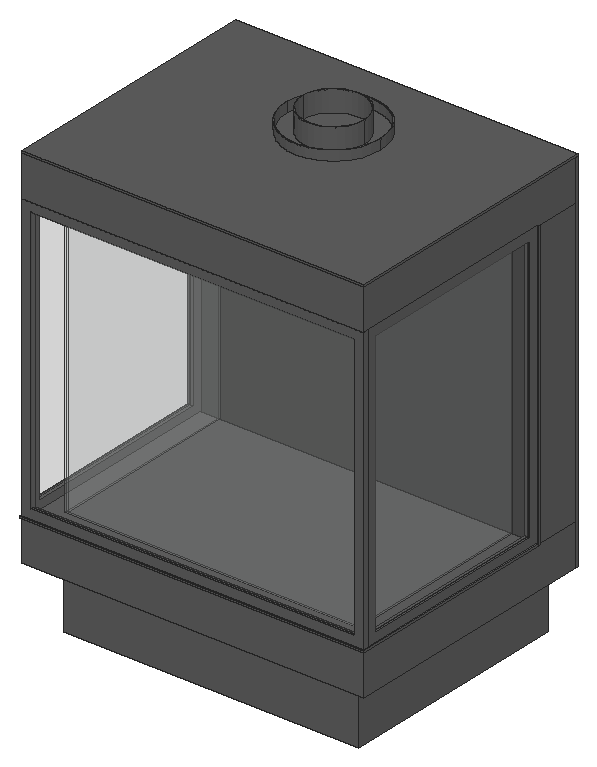
Revit family "HVAC_Ortal_Fireplace_Wilderness_Stand-Alone-Three-Sided", category Specialty Equipment, Revit 2019
Family settings
  Round Connector Dimension = Use Diameter
  Part Type = Normal
  OmniClass Number = 23.40.20.34.14
  OmniClass Title = Fireplaces
  Work Plane-Based = No
  Always vertical = Yes
  Cut with Voids When Loaded = No
  Shared = No
  Room Calculation Point = No
Parameters (values of type "Wilderness Stand Alone Three Sided 25H - Wall Mount")
  z_Side Glass Offset Front = z_Glass Offset + z_Glass Thickness  # 2 5/32"
  z_Glass Thickness = 5/32"  # constant formula
  z_Glass Offset = 2"  # constant formula
  z_Gas Type 2 = Gas : Propane
  z_Gas Type 1 = Gas : Natural Gas
  z_Frame Thickness = 5/32"  # constant formula
  Width = 28 9/16"  # constant formula
  WiFi Control [instance] = no
  Weight = 331.00 lbf  # constant formula
  Wall Switch Control [instance] = no
  Voltage = 120 V
  Viewing Area Width = Width  # 28 9/16"
  Viewing Area Side Length = 18 3/4"  # constant formula
  Viewing Area Height = 23 3/4"  # constant formula
  Vent = "5x8 co-axial direct vent pipe (5” interior, 8” exterior)"  # constant formula
  URL = "https://www.ortalheat.com/fireplaces/wilderness?hsLang=en"
  Total Heating Capacity = if(Gas Type = z_Gas Type 1, 32768.0 Btu/h, 27645.0 Btu/h)  # 32768.0 Btu/h
  Remote Control [instance] = yes
  Product data url = "https://www.bimobject.com/ortal/product/fireplaces_wilderness-stand-alone-ts-25h"
  Product Material = Ortal - Stainless Steel - Black
  Product Guid = "d18e7cdc-3d85-48d4-a96d-959020e9328d"  # constant formula
  Power Factor = 0.8
  Number of Poles = 3
  Model = "Wilderness Stand Alone Three Sided 25H - Wall Mount"
  Manufacturer = "Ortal"  # constant formula
  Keynote = "15500"
  Interior Material = Ortal - Panel - Black Reflective Glass
  Height = 36 157/256"  # constant formula
  Gas Type = Gas : Natural Gas
  Gas Inlet Diameter = 1/2"
  Gas Flow = 0 GPM
  Frequency = 60 Hz
  Efficiency = if(Gas Type = z_Gas Type 1, "79.7%", "80.4%")  # "79.7%"
  Edition number = 1
  Description = "Wilderness Type Stand Alone Three Sided Fireplace Wall Mounted"
  Depth = 22 5/16"  # constant formula
  Current = 15 A
  Certification = "ANSI Z21.88/CSA 2.33-2019"  # constant formula
  Assembly Code = "E1090400"
  Apparent Load = (Current * Voltage) / (Power Factor * Number of Poles)  # 750 VA
  16" Clearance To Combustible [instance] = no
  12" Clearance To Non- Combustible [instance] = no
Types (3): name | Model | Description
  (no name) | "Wilderness Stand Alone Three Sided 25H - Wall Mount" | "Wilderness Type Stand Alone Three Sided Fireplace Wall Mounted"
  Wilderness Stand Alone Three Sided 25H - Wall Mount | "Wilderness Stand Alone Three Sided 25H - Wall Mount" | "Wilderness Type Stand Alone Three Sided Fireplace Wall Mounted"
  Wilderness Stand Alone Three Sided 25H - Floor Mount | "Wilderness Stand Alone Three Sided 25H - Floor Mount" | "Wilderness Type Stand Alone Three Sided Fireplace Floor Mounted"
Reference planes (in)
  plane 1 "Center (Front/Back)": y = 0
  plane 2: z = 0
  plane 3 "Center (Left/Right)": x = 0
  plane 4: x = -14.28125
  plane 5: x = 14.28125
  plane 6: y = 11.15625
  plane 7: y = -11.15625
  plane 8: z = 5.72835
  plane 9: z = 9.31102
  plane 10: z = 33.0306
  plane 11: z = 36.61328
  plane 12: y = 6.96334
  plane 13: y = 3.53125
Forms (in)
  Extrusion 1, solid, material "Ortal - Stainless Steel - Black" <- "Product Material"
    sketch origin (0, 0, 0) x (1, 0, 0) y (0, 0, 1)
      loop
        line (-14.35999, 9.31102) -> (-14.35999, 9.15477) -> (14.38017, 9.15477) -> (14.38017, 9.31102) -> (-14.35999, 9.31102)
    from -6.96334 to 11.22564
  Extrusion 2, solid, material "Ortal - Stainless Steel - Black" <- "Product Material"
    sketch origin (0, 0, 0) x (1, 0, 0) y (0, 1, 0)
      loop
        line (-14.35999, 6.96334) -> (14.39001, 6.96334) -> (14.39001, 7.11959) -> (-14.35999, 7.11959) -> (-14.35999, 6.96334)
    from 9.15477 to 33.0306
  Sweep 3, solid, material "Ortal - Stainless Steel - Black" <- "Product Material"
    path origin (-30.34974, -180, 33.0306) x (-1, 0, 0) y (0, -1, 0)
      loop
        line (-16.06849, -191) -> (-16.06849, -168.84375) -> (-44.63099, -168.84375) -> (-44.63099, -191)
    profile origin (-14.28125, -0.07813, 33.0306) x (1, 0, 0) y (0, 0, 1)
      loop
        line (0, 0) -> (0.15625, 0) -> (0.15625, 3.42643) -> (0, 3.42643) -> (0, 0)
  Sweep 4, solid, material "Ortal - Stainless Steel - Black" <- "Product Material"
    path origin (-30.34974, -180, 5.72835) x (-1, 0, 0) y (0, -1, 0)
      loop
        line (-16.06849, -191) -> (-16.06849, -168.84375) -> (-44.63099, -168.84375) -> (-44.63099, -191)
    profile origin (-14.28125, -0.07813, 5.72835) x (1, 0, 0) y (0, 0, 1)
      loop
        line (0, 0) -> (0.15625, 0) -> (0.15625, 3.42643) -> (0, 3.42643) -> (0, 0)
  Sweep 5, solid, material "Ortal - Stainless Steel - Black" <- "Product Material"
    path origin (-43, 6.96334, 48) x (-1, 0, 0) y (0, 0, 1)
      loop
        line (-43, -14.9694) -> (-43, -38.84523)
    profile origin (0, 6.96334, 21.09269) x (0, 1, 0) y (-1, 0, 0)
      loop
        line (4.03666, 14.28125) -> (0.15625, 14.28125) -> (0.15625, 14.125) -> (4.03666, 14.125) -> (4.03666, 14.28125)
      loop
        line (4.03666, -14.28125) -> (4.03666, -14.125) -> (0.15625, -14.125) -> (0.15625, -14.28125) -> (4.03666, -14.28125)
  Extrusion 6, solid, material "Ortal - Stainless Steel - Black" <- "Product Material"
    sketch origin (-30.34974, -180, 5.72835) x (-1, 0, 0) y (0, -1, 0)
      loop
        line (-16.22474, -186.96334) -> (-16.22474, -169) -> (-44.47474, -169) -> (-44.47474, -186.96334) -> (-16.22474, -186.96334)
    from 27.30226 to 27.45851
  Extrusion 7, solid, material "Ortal - Stainless Steel - Black" <- "Product Material"
    sketch origin (-43, 6.96334, 48) x (-1, 0, 0) y (0, 0, 1)
      loop
        line (-28.71875, -11.38672) -> (-57.28125, -11.38672) -> (-57.28125, -11.54297) -> (-28.71875, -11.54297) -> (-28.71875, -11.38672)
    from -18.11959 to 4.19291
  Extrusion 8, solid, material "Ortal - Stainless Steel - Black" <- "Product Material"
    sketch origin (-30.22597, -180, 5.72835) x (-1, 0, 0) y (0, -1, 0)
      loop
        line (-16.10097, -191) -> (-16.10097, -169) -> (-44.35097, -169) -> (-44.35097, -191) -> (-16.10097, -191)
    from 0 to 0.15625
  Extrusion 9, solid, material "Ortal - Stainless Steel - Black" <- "Product Material"
    sketch origin (-30.34974, -180, 5.72835) x (-1, 0, 0) y (0, -1, 0)
      loop
        line (-16.06849, -191.15625) -> (-16.06849, -191) -> (-44.63099, -191) -> (-44.63099, -191.15625) -> (-16.06849, -191.15625)
    from 0 to 30.72868
  Sweep 10, solid, material "Ortal - Stainless Steel - Black" <- "Product Material"
    path origin (-43, -11.15625, 48) x (-1, 0, 0) y (0, 0, 1)
      loop
        line (-28.71875, -14.9694) -> (-57.28125, -14.9694) -> (-57.28125, -38.68898) -> (-28.71875, -38.68898) -> (-28.71875, -14.9694)
    profile origin (0, -11.15625, 33.0306) x (0, 0, -1) y (0, 1, 0)
      loop
        line (0, 0) -> (0.75, 0) -> (0.75, 0.4375) -> (0, 0.4375) -> (0, 0)
  Sweep 11, solid, material "Ortal - Stainless Steel - Black" <- "Product Material"
    path origin (14.28125, 19.42831, 48) x (0, 1, 0) y (0, 0, 1)
      loop
        line (-30.14706, -14.9694) -> (-30.14706, -38.68898) -> (-12.46497, -38.68898) -> (-12.46497, -14.9694) -> (-30.14706, -14.9694)
    profile origin (14.28125, -1.87771, 33.0306) x (0, 0, 1) y (1, 0, 0)
      loop
        line (0, 0) -> (-0.75, 0) -> (-0.75, -0.4375) -> (0, -0.4375) -> (0, 0)
  Sweep 12, solid, material "Ortal - Stainless Steel - Black" <- "Product Material"
    path origin (-14.28125, 19.42831, 48) x (0, 1, 0) y (0, 0, 1)
      loop
        line (-30.14706, -14.9694) -> (-30.14706, -38.68898) -> (-12.46497, -38.68898) -> (-12.46497, -14.9694) -> (-30.14706, -14.9694)
    profile origin (-14.28125, -1.87771, 33.0306) x (0, 0, 1) y (1, 0, 0)
      loop
        line (0, 0) -> (0, 0.4375) -> (-0.75, 0.4375) -> (-0.75, 0) -> (0, 0)
  Sweep 13, solid, material "Ortal - Metal - Mesh"
    path origin (-43, -11.15625, 48) x (-1, 0, 0) y (0, 0, 1)
      loop
        line (-43, -15.7194) -> (-43, -37.93898)
    profile origin (0, -11.15625, 21.17081) x (0, 1, 0) y (-1, 0, 0)
      loop
        line (0.1875, 13.53125) -> (0.125, 13.53125) -> (0.125, -13.53125) -> (0.1875, -13.53125) -> (0.1875, 13.53125)
  Sweep 14, solid, material "Ortal - Metal - Mesh"
    path origin (0, 0, 0) x (0, 1, 0) y (0, 0, 1)
      loop
        line (0, 32.2806) -> (0, 10.06102)
    profile origin (0, 0, 21.17081) x (1, 0, 0) y (0, 1, 0)
      loop
        line (-14.15625, 6.21334) -> (-14.15625, -9.96875) -> (-14.09375, -9.96875) -> (-14.09375, 6.21334) -> (-14.15625, 6.21334)
      loop
        line (14.09375, 6.21334) -> (14.09375, -9.96875) -> (14.15625, -9.96875) -> (14.15625, 6.21334) -> (14.09375, 6.21334)
  Sweep 15, solid, material "Ortal - Glass - Clear"
    path origin (-43, -11.15625, 48) x (-1, 0, 0) y (0, 0, 1)
      loop
        line (-43, -14.9694) -> (-43, -38.68898)
    profile origin (0, -11.15625, 21.17081) x (0, 1, 0) y (-1, 0, 0)
      loop
        line (2.15625, 12.28125) -> (2, 12.28125) -> (2, -12.28125) -> (2.15625, -12.28125) -> (2.15625, 12.28125)
  Sweep 16, solid, material "Ortal - Glass - Clear"
    path origin (0, 0, 0) x (0, 1, 0) y (0, 0, 1)
      loop
        line (0, 33.0306) -> (0, 9.31102)
    profile origin (0, 0, 21.17081) x (1, 0, 0) y (0, 1, 0)
      loop
        line (-12.125, 6.96334) -> (-12.28125, 6.96334) -> (-12.28125, -9) -> (-12.125, -9) -> (-12.125, 6.96334)
      loop
        line (12.28125, 6.96334) -> (12.125, 6.96334) -> (12.125, -9) -> (12.28125, -9) -> (12.28125, 6.96334)
  Sweep 17, solid, material "Ortal - Stainless Steel - Black" <- "Product Material", detail levels medium+fine
    path origin (0, 0, 0) x (0, 1, 0) y (0, 0, 1)
      loop
        line (3.53125, 37.44005) -> (3.53125, 36.61328)
    profile origin (0, 3.53125, 37.02667) x (1, 0, 0) y (0, 1, 0)
      loop
        circle (0, 0) r 3.9375
      loop
        circle (0, 0) r 3.90625
  Sweep 18, solid, material "Ortal - Stainless Steel - Black" <- "Product Material", detail levels medium+fine
    path origin (0, 0, 0) x (0, 1, 0) y (0, 0, 1)
      loop
        line (3.53125, 38.38493) -> (3.53125, 36.61328)
    profile origin (0, 3.53125, 37.49911) x (1, 0, 0) y (0, 1, 0)
      loop
        circle (0, 0) r 2.59375
      loop
        circle (0, 0) r 2.5625
  Sweep 19, solid, material "Ortal - Stainless Steel - Black" <- "Product Material"
    path origin (-30.34974, -180, 5.72835) x (-1, 0, 0) y (0, -1, 0)
      loop
        line (-18.03724, -190.53125) -> (-18.03724, -170.8125) -> (-42.66224, -170.8125) -> (-42.66224, -190.53125)
    profile origin (-12.3125, 0.67187, 5.72835) x (1, 0, 0) y (0, 0, 1)
      loop
        line (0, 0) -> (0, -5.33465) -> (0.11719, -5.33465) -> (0.11719, 0) -> (0, 0)
  Sweep 20, solid, material "Ortal - Stainless Steel - Black" <- "Product Material"
    path origin (0, 0, 0) x (0, 1, 0) y (0, 0, 1)
      loop
        line (0, 0) -> (0, 5.72835)
    profile origin (0, 0, 2.86417) x (0, -1, 0) y (1, 0, 0)
      loop
        line (-9.78125, -9.9375) -> (-8.21875, -9.9375) -> (-8.21875, -8.375) -> (-9.78125, -8.375) -> (-9.78125, -9.9375)
      loop
        line (-9.78125, 8.375) -> (-8.21875, 8.375) -> (-8.21875, 9.9375) -> (-9.78125, 9.9375) -> (-9.78125, 8.375)
      loop
        line (6.34375, 8.375) -> (7.90625, 8.375) -> (7.90625, 9.9375) -> (6.34375, 9.9375) -> (6.34375, 8.375)
      loop
        line (6.34375, -9.9375) -> (7.90625, -9.9375) -> (7.90625, -8.375) -> (6.34375, -8.375) -> (6.34375, -9.9375)
  Extrusion 21, solid, material "Clearance", visible <- "12" Clearance To Non- Combustible"
    sketch origin (-30.34974, -180, 5.72835) x (-1, 0, 0) y (0, -1, 0)
      loop
        line (-4.19349, -186.96334) -> (-4.19349, -156.96875) -> (-56.50599, -156.96875) -> (-56.50599, -186.96334) -> (-44.50599, -186.96334) -> (-44.50599, -168.96875) -> (-16.19349, -168.96875) -> (-16.19349, -186.96334) -> (-4.19349, -186.96334)
    from 3.58268 to 27.30226
  Extrusion 22, solid, material "Clearance", visible <- "16" Clearance To Combustible"
    sketch origin (-30.34974, -180, 5.72835) x (-1, 0, 0) y (0, -1, 0)
      loop
        line (-0.19349, -186.96334) -> (-0.19349, -152.96875) -> (-60.50599, -152.96875) -> (-60.50599, -186.96334) -> (-44.50599, -186.96334) -> (-44.50599, -168.96875) -> (-16.19349, -168.96875) -> (-16.19349, -186.96334) -> (-0.19349, -186.96334)
    from 3.58268 to 27.30226
  Sweep 23, solid, material "Ortal - Stainless Steel - Black" <- "Product Material"
    path origin (0, 0, 0) x (0, 1, 0) y (0, 0, 1)
      loop
        line (-4.15625, 5.72835) -> (-4.15625, 5.47835)
    profile origin (0, -4.15625, 5.60335) x (1, 0, 0) y (0, 1, 0)
      loop
        circle (0, 0) r 0.25
  Sweep 24, solid, material "Ortal - Stainless Steel - Black" <- "Product Material"
    path origin (0, 0, 0) x (0, 1, 0) y (0, 0, 1)
      loop
        line (-3.15625, 5.72835) -> (-3.15625, 5.47835)
    profile origin (0, -3.15625, 5.60335) x (1, 0, 0) y (0, 1, 0)
      loop
        line (-0.25, -0.25) -> (0.25, -0.25) -> (0.25, 0.25) -> (-0.25, 0.25) -> (-0.25, -0.25)
Lines and regions (in)
  Masking region 1
    outline origin (-30.34974, -180, 5.72835) x (-1, 0, 0) y (0, -1, 0)
      loop
        line (-16.06849, -191.15625) -> (-16.06849, -168.84375) -> (-44.63099, -168.84375) -> (-44.63099, -191.15625) -> (-16.06849, -191.15625)
  Masking region 2, detail levels medium+fine
    outline origin (-30.34974, -180, 5.72835) x (-1, 0, 0) y (0, -1, 0)
      loop
        circle (-30.34974, -183.53125) r 3.9375
  Masking region 3, detail levels medium+fine
    outline origin (-30.34974, -180, 5.72835) x (-1, 0, 0) y (0, -1, 0)
      loop
        circle (-30.34974, -183.53125) r 2.59375
  symbolic lines, style "SpecialityEquipmentHiddenLines", visible <- "16" Clearance To Combustible"
    curve 1: line (-14.28125, 6.96334, 5.72835) -> (-30.28125, 6.96334, 5.72835)
    curve 2: line (-30.28125, 6.96334, 5.72835) -> (-30.28125, -27.15625, 5.72835)
    curve 3: line (-30.28125, -27.15625, 5.72835) -> (30.28125, -27.15625, 5.72835)
    curve 4: line (30.28125, -27.15625, 5.72835) -> (30.28125, 6.96334, 5.72835)
    curve 5: line (30.28125, 6.96334, 5.72835) -> (14.28125, 6.96334, 5.72835)
  symbolic lines, style "SpecialityEquipmentHiddenLines", visible <- "12" Clearance To Non- Combustible"
    curve 6: line (-14.28125, 6.96334, 5.72835) -> (-26.28125, 6.96334, 5.72835)
    curve 7: line (-26.28125, 6.96334, 5.72835) -> (-26.28125, -23.15625, 5.72835)
    curve 8: line (-26.28125, -23.15625, 5.72835) -> (26.28125, -23.15625, 5.72835)
    curve 9: line (26.28125, -23.15625, 5.72835) -> (26.28125, 6.96334, 5.72835)
    curve 10: line (26.28125, 6.96334, 5.72835) -> (14.28125, 6.96334, 5.72835)
Dimensions and locks (in)
  equal spacing: plane 4, plane 3 "Center (Left/Right)", plane 5
  "Width": plane 4 to plane 5
  equal spacing: plane 6, plane 1 "Center (Front/Back)", plane 7
  "Depth": plane 6 to plane 7
  "Height": plane 11 to plane 2
  locked: plane 13 to plane 7 at 14.6875
  locked: plane 6 to plane 12 at 4.19291
  locked: plane 4 to Extrusion 1 sketch curve at 0.07874
  locked: plane 5 to Extrusion 1 sketch curve at 0.09892
  "z_Frame Thickness": plane 9 to Extrusion 1 sketch curve
  locked: plane 7 to Extrusion 1 at 0.06939
  "z_Frame Thickness": Extrusion 2 sketch curve to plane 12
  locked: Extrusion 2 sketch curve to plane 4 at 0.07874
  locked: plane 5 to Extrusion 2 sketch curve at 0.10876
  "z_Frame Thickness": plane 6 to Sweep 3 sketch curve  (x2)
  "z_Frame Thickness": Sweep 3 sketch curve to plane 11
  "z_Frame Thickness": Sweep 3 sketch curve to plane 4
  "z_Frame Thickness": plane 6 to Sweep 4 sketch curve  (x2)
  "z_Frame Thickness": Sweep 4 sketch curve to plane 4
  "z_Frame Thickness": Sweep 4 sketch curve to plane 9
  "z_Frame Thickness": plane 6 to Sweep 5 sketch curve  (x2)
  "z_Frame Thickness": Sweep 5 sketch curve to plane 12  (x2)
  "z_Frame Thickness": plane 4 to Sweep 5 sketch curve
  "z_Frame Thickness": Sweep 5 sketch curve to plane 5
  "z_Frame Thickness": plane 9 to Extrusion 2
  "z_Frame Thickness": plane 9 to Sweep 5 sketch curve
  "z_Frame Thickness": plane 4 to Extrusion 6 sketch curve
  "z_Frame Thickness": Extrusion 6 sketch curve to plane 5
  "z_Frame Thickness": Extrusion 6 sketch curve to plane 7
  "z_Frame Thickness": Extrusion 6 to plane 10
  "z_Frame Thickness": plane 11 to Extrusion 7 sketch curve
  "z_Frame Thickness": plane 6 to Extrusion 8 sketch curve
  "z_Frame Thickness": Extrusion 8 sketch curve to plane 7
  "z_Frame Thickness": Extrusion 8 sketch curve to plane 5
  "z_Frame Thickness": plane 4 to Extrusion 8 sketch curve
  "z_Frame Thickness": Extrusion 8 to plane 8
  "z_Frame Thickness": plane 6 to Extrusion 9 sketch curve
  "z_Frame Thickness": plane 11 to Extrusion 9
  locked: Sweep 10 sketch curve to plane 7 at 0.4375
  locked: plane 10 to Sweep 10 sketch curve at 0.75
  locked: plane 7 to Sweep 11 sketch curve at 0.4375
  locked: plane 5 to Sweep 11 sketch curve at 0.4375
  locked: plane 10 to Sweep 11 sketch curve at 0.75
  locked: plane 7 to Sweep 12 sketch curve at 0.4375
  locked: Sweep 12 sketch curve to plane 10 at 0.75
  locked: Sweep 12 sketch curve to plane 4 at 0.4375
  locked: Sweep 13 sketch curve to plane 9 at 0.75
  locked: plane 10 to Sweep 13 sketch curve at 0.75
  locked: plane 4 to Sweep 13 sketch curve at 0.75
  locked: Sweep 13 sketch curve to plane 5 at 0.75
  locked: Sweep 13 sketch curve to plane 7 at 0.125
  locked: Sweep 13 sketch curve to Sweep 13 sketch curve at 0.0625
  locked: plane 10 to Sweep 14 sketch curve at 0.75
  locked: Sweep 14 sketch curve to plane 9 at 0.75
  locked: plane 12 to Sweep 14 sketch curve at 0.75  (x2)
  locked: Sweep 14 sketch curve to plane 7 at 1.1875  (x2)
  locked: plane 4 to Sweep 14 sketch curve at 0.125
  locked: Sweep 14 sketch curve to Sweep 14 sketch curve at 0.0625  (x2)
  locked: Sweep 14 sketch curve to plane 5 at 0.125
  "z_Glass Offset": Sweep 15 sketch curve to plane 7
  "z_Glass Offset": plane 4 to Sweep 15 sketch curve
  "z_Glass Offset": Sweep 15 sketch curve to plane 5
  "z_Glass Thickness": Sweep 15 sketch curve to Sweep 15 sketch curve
  "z_Glass Offset": plane 4 to Sweep 16 sketch curve
  "z_Glass Offset": Sweep 16 sketch curve to plane 5
  "z_Glass Thickness": Sweep 16 sketch curve to Sweep 16 sketch curve  (x2)
  "z_Side Glass Offset Front": Sweep 16 sketch curve to plane 7  (x2)
  locked: Sweep 17 sketch curve to plane 11 at 0.82677
  locked: Sweep 18 sketch curve to plane 11 at 1.77165
  locked: plane 11 to plane 10 at 3.58268
  locked: plane 9 to plane 8 at 3.58268
  locked: plane 8 to plane 2 at 5.72835
  locked: plane 4 to Sweep 19 sketch curve at 1.96875
  locked: Sweep 19 sketch curve to plane 5 at 1.96875
  locked: Sweep 19 sketch curve to plane 7 at 1.96875
  locked: plane 2 to Sweep 19 sketch curve at 0.3937
  locked: profile plane to Sweep 19 sketch curve at 0.11719
  locked: plane 6 to Sweep 19 sketch curve at 0.625  (x2)
  locked: Sweep 20 sketch curve to plane 3 "Center (Left/Right)" at 8.375  (x2)
  locked: plane 3 "Center (Left/Right)" to Sweep 20 sketch curve at 8.375  (x2)
  locked: Sweep 20 sketch curve to plane 7 at 3.25  (x2)
  locked: plane 6 to Sweep 20 sketch curve at 1.375  (x2)
  locked: Sweep 20 sketch curve to Sweep 20 sketch curve at 1.5625  (x8)
  locked: plane 4 to Extrusion 21 sketch curve at 0.125
  locked: Extrusion 21 sketch curve to plane 5 at 0.125
  locked: Extrusion 21 sketch curve to plane 7 at 0.125
  locked: Extrusion 21 sketch curve to Extrusion 21 sketch curve at 12  (x3)
  Extrusion 22 sketch curve to plane 7 = 1/8"
  locked: Extrusion 22 sketch curve to Extrusion 22 sketch curve at 16  (x2)
  locked: plane 4 to Extrusion 22 sketch curve at 0.125
  locked: Extrusion 22 sketch curve to plane 5 at 0.125
  locked: Extrusion 21 to Extrusion 22 sketch curve at 16
  locked: Masking region 2 sketch curve to plane 3 "Center (Left/Right)" at 3.9375
  locked: plane 13 to Masking region 2 sketch curve at 3.9375
  locked: Masking region 3 sketch curve to plane 3 "Center (Left/Right)" at 2.59375
  locked: plane 13 to Masking region 3 sketch curve at 2.59375
  locked: curve 2 to plane 4 at 16
  locked: plane 5 to curve 4 at 16
  locked: plane 7 to curve 3 at 16
  locked: plane 7 to curve 8 at 12
  locked: plane 5 to curve 9 at 12
  locked: curve 7 to plane 4 at 12
  locked: plane 8 to Sweep 23 sketch curve at 0.25
  locked: Sweep 23 sketch curve to plane 7 at 7
  locked: plane 8 to Sweep 24 sketch curve at 0.25
  locked: Sweep 24 sketch curve to plane 7 at 8
  Sweep 24 sketch curve to profile plane to Sweep 24 sketch curve = 1/4" locked, 1/4" locked  (x2)
  "Gas Inlet Diameter": diameter of Sweep 23 sketch curve
  aligned and locked: plane 2 to level
  aligned and locked: Extrusion 1 sketch curve to plane 9
  aligned and locked: plane 12 to Extrusion 1
  aligned and locked: Extrusion 2 sketch curve to plane 12
  aligned and locked: plane 10 to Extrusion 2
  aligned and locked: Sweep 3 sketch curve to plane 4
  aligned and locked: plane 5 to Sweep 3 sketch curve
  aligned and locked: Sweep 3 sketch curve to plane 7
  aligned and locked: plane 10 to Sweep 3 sketch curve
  aligned and locked: plane 4 to Sweep 3 sketch curve
  aligned and locked: Sweep 4 sketch curve to plane 7
  aligned and locked: plane 5 to Sweep 4 sketch curve
  aligned and locked: Sweep 4 sketch curve to plane 4
  aligned and locked: plane 8 to Sweep 4 sketch curve
  aligned and locked: plane 10 to Sweep 5 sketch curve
  aligned and locked: Sweep 5 sketch curve to plane 3 "Center (Left/Right)"
  aligned and locked: plane 4 to Sweep 5 sketch curve
  aligned and locked: plane 5 to Sweep 5 sketch curve
  aligned and locked: Extrusion 6 sketch curve to plane 12
  aligned and locked: Extrusion 6 to plane 10
  aligned and locked: Extrusion 7 sketch curve to plane 11
  aligned and locked: plane 6 to Extrusion 7
  aligned and locked: Extrusion 7 to plane 7
  aligned and locked: plane 5 to Extrusion 7
  aligned and locked: Extrusion 7 to plane 4
  aligned and locked: Extrusion 8 to plane 8
  aligned and locked: plane 4 to Extrusion 9 sketch curve
  aligned and locked: Extrusion 9 sketch curve to plane 5
  aligned and locked: Extrusion 9 sketch curve to plane 6
  aligned and locked: Extrusion 9 to plane 8
  aligned and locked: Sweep 10 sketch curve to plane 10
  aligned and locked: plane 4 to Sweep 10 sketch curve
  aligned and locked: Sweep 10 sketch curve to plane 5
  aligned and locked: plane 9 to Sweep 10 sketch curve
  aligned and locked: plane 10 to Sweep 10 sketch curve
  aligned and locked: Sweep 10 sketch curve to plane 7
  aligned and locked: Sweep 11 sketch curve to plane 10
  aligned and locked: plane 9 to Sweep 11 sketch curve
  aligned and locked: Sweep 11 sketch curve to plane 12
  aligned and locked: plane 10 to Sweep 11 sketch curve
  aligned and locked: plane 5 to Sweep 11 sketch curve
  aligned and locked: Sweep 12 sketch curve to plane 10
  aligned and locked: plane 9 to Sweep 12 sketch curve
  aligned and locked: Sweep 12 sketch curve to plane 12
  aligned and locked: plane 10 to Sweep 12 sketch curve
  aligned and locked: Sweep 12 sketch curve to plane 4
  aligned and locked: Sweep 13 sketch curve to plane 3 "Center (Left/Right)"
  aligned and locked: Sweep 14 sketch curve to plane 1 "Center (Front/Back)"
  aligned and locked: plane 10 to Sweep 15 sketch curve
  aligned and locked: plane 9 to Sweep 15 sketch curve
  aligned and locked: Sweep 15 sketch curve to plane 3 "Center (Left/Right)"
  aligned and locked: plane 10 to Sweep 16 sketch curve
  aligned and locked: plane 9 to Sweep 16 sketch curve
  aligned and locked: Sweep 16 sketch curve to plane 1 "Center (Front/Back)"
  aligned and locked: plane 12 to Sweep 16 sketch curve  (x2)
  aligned and locked: plane 11 to Sweep 17 sketch curve
  aligned and locked: plane 13 to Sweep 17 sketch curve
  aligned and locked: plane 13 to Sweep 18 sketch curve
  aligned and locked: plane 11 to Sweep 18 sketch curve
  aligned and locked: profile plane to Sweep 19 sketch curve
  aligned and locked: plane 8 to Sweep 19 sketch curve
  aligned and locked: plane 2 to Sweep 20 sketch curve
  aligned and locked: plane 8 to Sweep 20 sketch curve
  aligned and locked: plane 1 "Center (Front/Back)" to Sweep 20 sketch curve
  aligned and locked: Extrusion 21 sketch curve to plane 12  (x2)
  aligned and locked: plane 10 to Extrusion 21
  aligned and locked: Extrusion 21 to plane 9
  aligned and locked: Extrusion 22 sketch curve to plane 12  (x2)
  aligned and locked: plane 10 to Extrusion 22
  aligned and locked: Extrusion 22 to plane 9
  aligned and locked: Masking region 1 sketch curve to plane 6
  aligned and locked: Masking region 1 sketch curve to plane 5
  aligned and locked: plane 7 to Masking region 1 sketch curve
  aligned and locked: plane 4 to Masking region 1 sketch curve
  aligned and locked: plane 12 to curve 5
  aligned and locked: plane 12 to curve 1
  aligned and locked: plane 4 to curve 1
  aligned and locked: plane 5 to curve 5
  aligned and locked: plane 4 to curve 6
  aligned and locked: plane 5 to curve 10
  aligned and locked: plane 8 to Sweep 23 sketch curve
  aligned and locked: plane 8 to Sweep 24 sketch curve
  aligned and locked: plane 12 to curve 6
  aligned and locked: plane 12 to curve 10
Automatic sketch dimensions
  Sweep 17 sketch curve to Sweep 17 sketch curve = 0"  (x2)
  Sweep 17 sketch curve to plane 3 "Center (Left/Right)" = 0"
  profile plane to Sweep 17 sketch curve = 0"
  Sweep 18 sketch curve to Sweep 18 sketch curve = 0"  (x2)
  Sweep 18 sketch curve to plane 3 "Center (Left/Right)" = 0"
  profile plane to Sweep 18 sketch curve = 0"
  Masking region 2 sketch curve to plane 13 = 0"
  Masking region 3 sketch curve to plane 13 = 0"
  profile plane to Sweep 4 sketch curve = 0"
  Extrusion 7 sketch curve to plane 5 = 0"
  Extrusion 7 sketch curve to plane 4 = 0"
  Sweep 23 sketch curve to plane 3 "Center (Left/Right)" = 0"
  profile plane to Sweep 23 sketch curve = 0"
  radius of Sweep 17 sketch curve = 3 15/16"
  radius of Sweep 17 sketch curve = 3 29/32"
  radius of Sweep 18 sketch curve = 2 19/32"
  radius of Sweep 18 sketch curve = 2 9/16"
Connectors (in)
  piping at (0, -4.15625, 5.47835), diameter 0.5, driven by "Gas Inlet Diameter", driven by "Gas Flow"
    settings: on Sweep 23, index 1, connector inside diameter 24", connector length 0", flow factor 0, pipe flow 0 GPM, pressure drop 0.00 psi, fitting loss kfactor 0, connector angle 0.00°, fixture units 0, engagement length 0", angle of deflection 0.00°, flow configuration 0, flow direction 1, fitting loss method 0, system type 22, joint type 0, gender type 0, connector reference index -1, connector utility 0, adjustable connector no, is connector primary yes, connector description "Gas Inlet"
  electrical at (0, -3.15625, 5.47835), driven by "Number of Poles", driven by "Voltage", driven by "Apparent Load", driven by "Apparent Load", driven by "Apparent Load", driven by "Power Factor"
    settings: on Sweep 24, index 2, voltage 120 V, apparent load 0 VA, apparent load phase1 750 VA, apparent load phase2 750 VA, apparent load phase3 750 VA, power factor 0.8, load classification "Other", number of poles 3, system type 31, power factor state 1, is connector primary yes, connector utility no, sub classification motor no, connector description "Power Connection"
